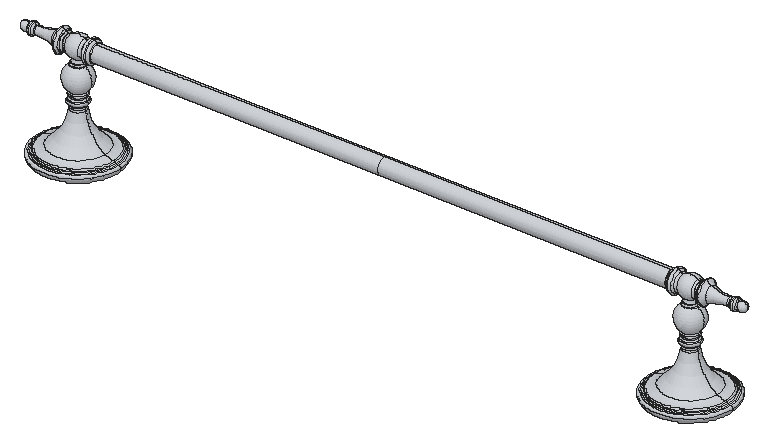
Revit family "Accessory-Towel_Bar-KOHLER-Decorative-K-26523_1", category Specialty Equipment, host Face, Revit 2021 (continued)
Definition of nested family "K-26523"
  Lines and regions (in)
    symbolic lines, detail levels medium+fine
      curve 135: line (9.22808, 0, 1.51009) -> (8.76404, 0, 1.51009)
      curve 136: line (9.24945, 0, 1.60347) -> (8.74268, 0, 1.60347)
      curve 137: line (9.21953, 0, 1.62397) -> (8.7726, 0, 1.62397)
      curve 138: line (8.75296, 0, 1.73242) -> (9.23916, 0, 1.73242)
      curve 139: line (9.23849, 0, 1.77014) -> (8.75363, 0, 1.77014)
      curve 140: line (9.21844, 0, 1.83922) -> (8.77368, 0, 1.83922)
      curve 141: line (9.19604, 0, 2.51814) -> (8.79611, 0, 2.51814)
      curve 142: line (8.81761, 0, 2.57907) -> (9.17453, 0, 2.57907)
      curve 143: arc (-8.90865, -0.73056, 0) -> (-8.99606, -0.64314, 0) -> (-9.08347, -0.73056, 0) r 0.08741
      curve 144: line (-10.23254, 0.10456, 0) -> (-10.23254, -0.10456, 0)
      curve 145: line (10.23254, 0.10456, 0) -> (10.23254, -0.10456, 0)
      curve 146: line (8.65718, 0.30242, 0) -> (8.65718, -0.30242, 0)
      curve 147: line (-8.65718, 0.30242, 0) -> (-8.65718, -0.30242, 0)
      curve 148: line (-9.08347, -0.73056, 0) -> (-9.06691, -0.79237, 0)
      curve 149: line (-8.90865, -0.73056, 0) -> (-8.92522, -0.79237, 0)
      curve 150: arc (-9.06691, -0.79237, 0) -> (-8.99606, -0.84674, 0) -> (-8.92522, -0.79237, 0) r 0.07335
      curve 151: arc (8.90865, -0.73056, 0) -> (8.99606, -0.64314, 0) -> (9.08347, -0.73056, 0) r 0.08741
      curve 152: line (9.08347, -0.73056, 0) -> (9.06691, -0.79237, 0)
      curve 153: line (8.90865, -0.73056, 0) -> (8.92522, -0.79237, 0)
      curve 154: arc (9.06691, -0.79237, 0) -> (8.99606, -0.84674, 0) -> (8.92522, -0.79237, 0) r 0.07335
      curve 155: line (10.17177, 0, 0.23776) -> (7.82036, 0, 0.23776)
      curve 156: line (10.0875, 0, 0.27582) -> (7.90462, 0, 0.27582)
      curve 157: line (10.03853, 0, 0.31952) -> (7.9536, 0, 0.31952)
      curve 158: line (10.44774, 0, 3.07459) -> (10.44559, 0, 2.90043)
      curve 159: line (10.23622, 0, 3.0914) -> (10.23622, 0, 2.8813)
      curve 160: line (10.20914, 0, 3.09034) -> (10.20914, 0, 2.88236)
      curve 161: line (9.31037, 0, 3.22601) -> (9.3105, 0, 2.74973)
      curve 162: line (9.37427, 0, 3.24226) -> (9.37427, 0, 2.73044)
      curve 163: line (9.47239, 0, 3.32789) -> (9.47239, 0, 2.64481)
      curve 164: line (8.48052, 0, 3.24912) -> (8.48052, 0, 2.72359)
      curve 165: line (8.58425, 0, 3.30849) -> (8.58426, 0, 2.66421)
      curve 166: line (8.66467, 0, 2.70083) -> (8.66467, 0, 3.27186)
      curve 167: line (-9.22808, 0, 1.51009) -> (-8.76404, 0, 1.51009)
      curve 168: line (-9.24945, 0, 1.60347) -> (-8.74268, 0, 1.60347)
      curve 169: line (-9.21953, 0, 1.62397) -> (-8.7726, 0, 1.62397)
      curve 170: line (-8.75296, 0, 1.73242) -> (-9.23916, 0, 1.73242)
      curve 171: line (-9.23849, 0, 1.77014) -> (-8.75363, 0, 1.77014)
      curve 172: line (-9.21844, 0, 1.83922) -> (-8.77368, 0, 1.83922)
      curve 173: line (-9.19604, 0, 2.51814) -> (-8.79611, 0, 2.51814)
      curve 174: line (-8.81761, 0, 2.57907) -> (-9.17453, 0, 2.57907)
      curve 175: line (-10.17177, 0, 0.23776) -> (-7.82036, 0, 0.23776)
      curve 176: line (-10.0875, 0, 0.27582) -> (-7.90462, 0, 0.27582)
      curve 177: line (-10.03853, 0, 0.31952) -> (-7.9536, 0, 0.31952)
      curve 178: line (-10.44774, 0, 3.07459) -> (-10.44559, 0, 2.90043)
      curve 179: line (-10.23622, 0, 3.0914) -> (-10.23622, 0, 2.8813)
      curve 180: line (-10.20914, 0, 3.09034) -> (-10.20914, 0, 2.88236)
      curve 181: line (-9.31037, 0, 3.22601) -> (-9.3105, 0, 2.74973)
      curve 182: line (-9.37427, 0, 3.24226) -> (-9.37427, 0, 2.73044)
      curve 183: line (-9.47239, 0, 3.32789) -> (-9.47239, 0, 2.64481)
      curve 184: line (-8.48052, 0, 3.24912) -> (-8.48052, 0, 2.72359)
      curve 185: line (-8.58425, 0, 3.30849) -> (-8.58426, 0, 2.66421)
      curve 186: line (-8.66467, 0, 2.70083) -> (-8.66467, 0, 3.27186)
      curve 187: line (0, 1.04629, 0.32007) -> (0, -1.04629, 0.32007)
      curve 188: line (0, 0.21062, 1.64558) -> (0, -0.21062, 1.64558)
  Dimensions and locks (in)
    plane 4 to plane 16 = 21.32677"
    plane 8 to plane 9 = 0.47244"
    plane 7 to level = 3.33858"
    plane 6 to plane 5 = 17.99213"
    plane 10 to plane 11 = 2.48031"
    aligned and locked: plane 2 to level
Types (5): name | Type | Model | Finish
  (no name) | 4 | "K-26523-CP" | Kohler-Metal-CP-Polished_Chrome
  2BZ-Oil Rubbed Bronze | 1 | "K-26523-2BZ" | Kohler-Metal-2BZ-Oil_Rubbed_Bronze
  2MB-Vibrant Brushed Moderne Brass | 2 | "K-26523-2MB" | Kohler-Metal-2MB-Vibrant_Brushed_Moderne_Brass
  BN-Vibrant Brushed Nickel | 3 | "K-26523-BN" | Kohler-Metal-BN-Vibrant_Brushed_Nickel
  CP-Polished Chrome | 4 | "K-26523-CP" | Kohler-Metal-CP-Polished_Chrome
